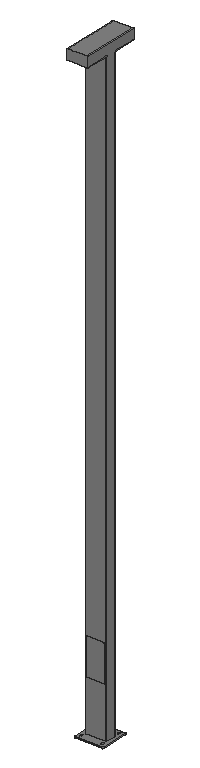
Revit family "Супремус В", category Осветительные приборы, Revit 2019 (continued)
Parameters (values of type "ДТУ121с10 Светодиодный светильник Супремус-B ДТУ-121-AF-ДТУП1212(60Вт)+ДТУП1212(60Вт)-6,0")
    .4 67.2 64.1 60.9 57.8 55.0 52.4 50.0 47.8\r\n 45.8 44.1 42.4 40.8 39.1 37.1 35.2 33.3 31.6 29.8 28.2 26.7 25.3 23.9 22.6 21.4 20.4 19.6 18.9 18.1 17.4 16.8 16.1 15.2 13.9 12.7\r\n 12.0 11.5 11.1 10.6 10.3 9.9 9.5 9.1 8.6 8.3 7.9 7.0 6.3 5.9 5.6 5.4 5.2 5.0 4.9 4.8 4.7 4.6 4.8 4.9 4.7 4.3 4.1 3.7 3.4 3.2 3.0\r\n 2.8 2.7 2.6 2.5 2.3 2.2 2.1 2.0 1.9 1.8 1.6 1.5 1.4 1.3 0.0 0.0 0.0 0.0 0.0 0.0 0.0 0.0 0.0 0.0 0.0 0.0 0.0 0.0 0.0 0.0 0.0 0.0\r\n 0.0 0.0 0.0 0.0 0.0 0.0 0.0 0.0 0.0 0.0 0.0 0.0 0.0 0.0 0.0 0.0 0.0 0.0 0.0 0.0 0.0 0.0 0.0 0.0 0.0 0.0 0.0 0.0 0.0 0.0 0.0 0.0\r\n 0.0 0.0 0.0 0.0 0.0 0.0 0.0 0.0 0.0 0.0 0.0 0.0 0.0 0.0 0.0 0.0 0.0 0.0 0.0 0.0 0.0 0.0 0.0 0.0 0.0 0.0 0.0 0.0 0.0 0.0 0.0 0.0\r\n 0.0 0.0 0.0 0.0 0.0 0.0 0.0 0.0 0.0 0.0 0.0 0.0 0.0 0.0 0.0 0.0 0.0 0.0 0.0 0.0 0.0 0.0 0.0 0.0 0.0 0.0 0.0 0.0 0.0 0.0 0.0 0.0\r\n 0.0 0.0 0.0 0.0 0.0 0.0 0.0 0.0 0.0 0.0 0.0 0.0 0.0 0.0 0.0 0.0 0.0 0.0 0.0 0.0 0.0 0.0 0.0 0.0 0.0 0.0 0.0 0.0 0.0 0.0 0.0 0.0\r\n 0.0 0.0 0.0 0.0 0.0 0.0 0.0 0.0 0.0 0.0 0.0 0.0 0.0 0.0\r\n275.6 278.1 280.8 283.4 286.3 289.3 292.6 296.0 299.5 302.9 305.9 308.9 311.5 314.2 316.6 318.8 321.2 323.4 326.0 328.6 331.0\r\n 333.2 335.2 337.0 338.7 340.4 342.0 343.5 344.8 346.3 347.8 349.1 350.6 352.1 353.3 355.0 356.3 357.8 359.3 360.4 361.4 362.2\r\n 362.8 363.1 363.9 364.3 364.7 364.7 364.5 364.1 363.1 362.5 361.7 361.0 360.6 360.3 359.9 359.5 359.0 358.3 357.3 356.1 354.9\r\n 353.5 351.8 350.0 348.2 346.3 343.7 340.9 337.9 334.7 331.3 327.4 322.9 317.8 313.9 308.9 302.9 296.0 288.4 280.8 272.3 263.8\r\n 254.5 244.2 234.3 225.1 216.9 208.9 200.5 192.3 182.9 173.7 165.6 158.5 151.8 145.5 139.6 133.6 128.2 122.9 117.7 114.3 111.1\r\n 108.2 105.4 102.5 99.5 96.7 94.1 91.6 89.0 86.3 83.8 81.9 80.2 78.2 75.7 73.2 70.3 67.2 64.1 60.7 57.3 54.3 51.7 49.1 46.8 45.0\r\n 43.4 41.9 40.4 38.9 37.0 35.0 33.1 31.4 29.6 28.1 26.7 25.3 23.9 22.7 21.7 20.8 20.0 19.3 18.7 18.0 17.4 16.9 16.2 15.4 14.1 12.7\r\n 11.7 11.2 10.8 10.4 10.1 9.7 9.3 9.0 8.6 8.2 7.8 6.9 6.2 5.8 5.6 5.3 5.1 5.0 4.9 4.8 4.7 4.7 4.9 4.9 4.6 4.3 4.1 3.8 3.4 3.2 3.0\r\n 2.8 2.7 2.6 2.5 2.4 2.4 2.2 2.1 2.0 1.8 1.7 1.5 1.4 1.3 0.0 0.0 0.0 0.0 0.0 0.0 0.0 0.0 0.0 0.0 0.0 0.0 0.0 0.0 0.0 0.0 0.0 0.0\r\n 0.0 0.0 0.0 0.0 0.0 0.0 0.0 0.0 0.0 0.0 0.0 0.0 0.0 0.0 0.0 0.0 0.0 0.0 0.0 0.0 0.0 0.0 0.0 0.0 0.0 0.0 0.0 0.0 0.0 0.0 0.0 0.0\r\n 0.0 0.0 0.0 0.0 0.0 0.0 0.0 0.0 0.0 0.0 0.0 0.0 0.0 0.0 0.0 0.0 0.0 0.0 0.0 0.0 0.0 0.0 0.0 0.0 0.0 0.0 0.0 0.0 0.0 0.0 0.0 0.0\r\n 0.0 0.0 0.0 0.0 0.0 0.0 0.0 0.0 0.0 0.0 0.0 0.0 0.0 0.0 0.0 0.0 0.0 0.0 0.0 0.0 0.0 0.0 0.0 0.0 0.0 0.0 0.0 0.0 0.0 0.0 0.0 0.0\r\n 0.0 0.0 0.0 0.0 0.0 0.0 0.0 0.0 0.0 0.0 0.0 0.0 0.0 0.0 0.0 0.0 0.0 0.0 0.0 0.0 0.0 0.0 0.0 0.0 0.0 0.0 0.0 0.0 0.0 0.0 0.0 0.0\r\n 0.0 0.0 0.0 0.0 0.0 0.0 0.0 0.0 0.0 0.0 0.0 0.0 0.0 0.0\r\n275.6 278.0 280.5 283.4 286.2 289.3 292.9 296.2 299.5 302.8 305.9 308.8 311.4 314.0 316.5 318.8 321.1 323.4 326.0 328.6 330.9\r\n 333.1 335.1 336.6 338.4 340.3 341.8 343.0 344.6 346.0 347.4 349.0 350.4 351.8 353.1 354.7 356.3 357.6 359.0 360.3 361.1 361.9\r\n 362.4 363.0 363.3 363.7 364.3 364.3 363.7 363.0 362.2 361.5 360.6 360.0 359.6 359.3 359.0 358.7 358.1 357.3 356.1 355.1 353.9\r\n 352.4 350.4 348.6 347.1 345.2 342.6 339.9 336.4 333.2 330.0 326.0 320.9 316.0 311.5 306.2 299.9 292.8 284.9 276.9 268.1 259.4\r\n 249.1 238.2 228.2 219.7 211.9 203.4 194.8 185.9 176.5 167.9 160.0 153.1 146.7 140.6 135.0 129.3 123.8 118.8 114.9 111.7 108.7\r\n 106.0 103.1 100.1 96.8 94.1 91.5 88.9 86.0 83.2 81.1 79.6 78.0 75.8 73.4 70.7 67.7 64.7 61.7 58.3 55.1 52.1 49.5 47.1 45.1 43.5\r\n 42.2 40.9 39.5 37.8 36.0 34.0 32.1 30.2 28.7 27.3 25.9 24.5 23.3 22.2 21.2 20.4 19.6 19.0 18.3 17.7 17.0 16.4 15.8 15.0 13.6 12.3\r\n 11.4 10.9 10.5 10.1 9.7 9.3 9.0 8.6 8.3 8.1 7.6 6.7 6.1 5.8 5.5 5.3 5.1 4.9 4.9 4.8 4.6 4.8 4.9 4.9 4.7 4.3 4.1 3.7 3.4 3.2 3.0\r\n 2.8 2.7 2.6 2.5 2.5 2.5 2.4 2.2 2.0 1.9 1.7 1.6 1.5 1.3 0.0 0.0 0.0 0.0 0.0 0.0 0.0 0.0 0.0 0.0 0.0 0.0 0.0 0.0 0.0 0.0 0.0 0.0\r\n 0.0 0.0 0.0 0.0 0.0 0.0 0.0 0.0 0.0 0.0 0.0 0.0 0.0 0.0 0.0 0.0 0.0 0.0 0.0 0.0 0.0 0.0 0.0 0.0 0.0 0.0 0.0 0.0 0.0 0.0 0.0 0.0\r\n 0.0 0.0 0.0 0.0 0.0 0.0 0.0 0.0 0.0 0.0 0.0 0.0 0.0 0.0 0.0 0.0 0.0 0.0 0.0 0.0 0.0 0.0 0.0 0.0 0.0 0.0 0.0 0.0 0.0 0.0 0.0 0.0\r\n 0.0 0.0 0.0 0.0 0.0 0.0 0.0 0.0 0.0 0.0 0.0 0.0 0.0 0.0 0.0 0.0 0.0 0.0 0.0 0.0 0.0 0.0 0.0 0.0 0.0 0.0 0.0 0.0 0.0 0.0 0.0 0.0\r\n 0.0 0.0 0.0 0.0 0.0 0.0 0.0 0.0 0.0 0.0 0.0 0.0 0.0 0.0 0.0 0.0 0.0 0.0 0.0 0.0 0.0 0.0 0.0 0.0 0.0 0.0 0.0 0.0 0.0 0.0 0.0 0.0\r\n 0.0 0.0 0.0 0.0 0.0 0.0 0.0 0.0 0.0 0.0 0.0 0.0 0.0 0.0\r\n275.6 278.0 280.5 283.3 286.2 289.2 292.8 296.0 299.3 302.6 305.8 308.6 311.2 313.8 316.2 318.7 321.0 323.2 325.6 328.1 330.6\r\n 332.8 334.9 336.5 338.1 339.8 341.5 342.8 344.4 345.7 346.9 348.6 350.0 351.2 352.7 354.1 355.8 357.3 358.7 360.0 360.8 361.5\r\n 362.3 362.7 363.1 363.5 364.1 364.2 363.7 363.1 362.3 361.5 360.7 360.1 359.7 359.4 359.0 359.0 358.4 357.6 356.8 355.4 354.5\r\n 353.0 351.2 349.4 347.7 345.9 343.4 340.9 338.1 335.1 331.8 327.9 323.0 318.0 312.8 307.7 301.8 295.0 287.7 279.8 271.2 262.6\r\n 253.0 242.1 232.5 223.9 216.0 207.7 198.8 190.1 180.3 171.0 162.7 155.4 148.8 142.4 136.8 131.5 126.3 120.9 115.7 112.3 109.3\r\n 106.4 103.5 100.5 97.3 94.3 91.5 88.8 85.9 83.1 80.8 79.1 77.6 75.7 73.5 70.9 68.1 65.5 62.7 59.4 56.1 53.2 50.6 48.1 45.9 44.0\r\n 42.5 41.1 39.7 38.1 36.4 34.5 32.7 30.8 29.0 27.6 26.3 24.8 23.5 22.4 21.4 20.6 19.9 19.1 18.5 17.7 17.1 16.4 15.8 15.0 13.8 12.5\r\n 11.5 11.0 10.6 10.2 9.8 9.4 9.1 8.7 8.4 8.1 7.7 6.8 6.0 5.7 5.4 5.2 5.1 4.9 4.8 4.7 4.5 4.6 4.8 4.7 4.8 4.4 4.1 3.8 3.4 3.2 3.0\r\n 2.8 2.6 2.5 2.5 2.4 2.4 2.2 2.1 1.9 1.8 1.7 1.5 1.4 1.3 0.0 0.0 0.0 0.0 0.0 0.0 0.0 0.0 0.0 0.0 0.0 0.0 0.0 0.0 0.0 0.0 0.0 0.0\r\n 0.0 0.0 0.0 0.0 0.0 0.0 0.0 0.0 0.0 0.0 0.0 0.0 0.0 0.0 0.0 0.0 0.0 0.0 0.0 0.0 0.0 0.0 0.0 0.0 0.0 0.0 0.0 0.0 0.0 0.0 0.0 0.0\r\n 0.0 0.0 0.0 0.0 0.0 0.0 0.0 0.0 0.0 0.0 0.0 0.0 0.0 0.0 0.0 0.0 0.0 0.0 0.0 0.0 0.0 0.0 0.0 0.0 0.0 0.0 0.0 0.0 0.0 0.0 0.0 0.0\r\n 0.0 0.0 0.0 0.0 0.0 0.0 0.0 0.0 0.0 0.0 0.0 0.0 0.0 0.0 0.0 0.0 0.0 0.0 0.0 0.0 0.0 0.0 0.0 0.0 0.0 0.0 0.0 0.0 0.0 0.0 0.0 0.0\r\n 0.0 0.0 0.0 0.0 0.0 0.0 0.0 0.0 0.0 0.0 0.0 0.0 0.0 0.0 0.0 0.0 0.0 0.0 0.0 0.0 0.0 0.0 0.0 0.0 0.0 0.0 0.0 0.0 0.0 0.0 0.0 0.0\r\n 0.0 0.0 0.0 0.0 0.0 0.0 0.0 0.0 0.0 0.0 0.0 0.0 0.0 0.0\r\n275.6 278.0 280.6 283.2 286.0 289.1 292.4 296.0 299.3 302.3 305.4 308.2 310.8 313.4 315.7 318.1 320.2 322.5 325.0 327.5 329.8\r\n 331.8 333.8 335.4 337.0 338.7 340.3 341.6 343.0 344.4 345.6 347.1 348.4 349.7 351.1 352.7 354.1 355.6 357.1 358.3 359.4 360.1\r\n 360.6 361.0 361.5 362.1 362.6 362.7 362.6 361.9 361.2 360.6 359.9 359.0 358.7 358.3 358.0 357.7 357.4 356.6 355.8 354.9 353.7\r\n 352.4 350.7 349.0 347.3 345.7 343.6 341.5 339.0 336.6 333.5 329.8 325.1 320.0 314.9 310.0 304.4 298.0 291.5 284.4 276.1 267.8\r\n 258.7 248.6 239.1 230.3 222.3 213.7 205.0 196.4 187.1 177.4 168.7 161.2 154.1 147.2 140.5 134.4 128.4 122.9 118.4 114.7 111.3\r\n 108.3 105.2 102.2 99.1 96.1 93.2 90.4 87.7 85.0 82.3 80.3 78.7 76.8 74.6 72.3 69.6 66.9 64.2 61.5 58.3 55.4 52.8 50.1 47.7 45.6\r\n 43.8 42.2 40.7 39.1 37.5 35.8 34.0 32.2 30.2 28.3 26.8 25.3 23.9 22.5 21.4 20.4 19.5 18.8 18.1 17.4 16.8 16.2 15.5 14.7 13.5 12.4\r\n 11.8 11.3 10.9 10.4 10.1 9.7 9.3 8.9 8.5 8.2 7.8 6.9 6.2 5.8 5.6 5.3 5.1 4.9 4.8 4.8 4.7 4.8 4.9 4.6 4.7 4.5 4.1 3.9 3.5 3.2 3.0\r\n 2.8 2.7 2.5 2.4 2.3 2.2 2.0 1.9 1.8 1.7 1.6 1.5 1.4 1.3 0.0 0.0 0.0 0.0 0.0 0.0 0.0 0.0 0.0 0.0 0.0 0.0 0.0 0.0 0.0 0.0 0.0 0.0\r\n 0.0 0.0 0.0 0.0 0.0 0.0 0.0 0.0 0.0 0.0 0.0 0.0 0.0 0.0 0.0 0.0 0.0 0.0 0.0 0.0 0.0 0.0 0.0 0.0 0.0 0.0 0.0 0.0 0.0 0.0 0.0 0.0\r\n 0.0 0.0 0.0 0.0 0.0 0.0 0.0 0.0 0.0 0.0 0.0 0.0 0.0 0.0 0.0 0.0 0.0 0.0 0.0 0.0 0.0 0.0 0.0 0.0 0.0 0.0 0.0 0.0 0.0 0.0 0.0 0.0\r\n 0.0 0.0 0.0 0.0 0.0 0.0 0.0 0.0 0.0 0.0 0.0 0.0 0.0 0.0 0.0 0.0 0.0 0.0 0.0 0.0 0.0 0.0 0.0 0.0 0.0 0.0 0.0 0.0 0.0 0.0 0.0 0.0\r\n 0.0 0.0 0.0 0.0 0.0 0.0 0.0 0.0 0.0 0.0 0.0 0.0 0.0 0.0 0.0 0.0 0.0 0.0 0.0 0.0 0.0 0.0 0.0 0.0 0.0 0.0 0.0 0.0 0.0 0.0 0.0 0.0\r\n 0.0 0.0 0.0 0.0 0.0 0.0 0.0 0.0 0.0 0.0 0.0 0.0 0.0 0.0\r\n275.6 277.9 280.5 283.0 285.7 288.8 291.9 295.1 298.6 301.8 304.7 307.5 310.0 312.7 314.9 317.1 319.3 321.3 323.8 326.2 328.6\r\n 330.6 332.5 334.2 335.8 337.2 338.8 340.3 341.5 342.8 344.1 345.3 346.5 347.8 348.9 350.4 351.8 353.1 354.7 355.9 357.0 357.9\r\n 358.6 359.0 359.7 360.0 360.6 360.9 361.2 361.1 360.5 359.9 359.4 358.7 358.1 357.7 357.4 357.0 356.8 356.2 355.6 354.8 353.6\r\n 352.7 351.5 350.1 348.5 346.9 345.3 343.9 342.3 340.2 337.9 334.7 330.4 325.3 320.9 316.7 311.2 304.9 298.8 292.8 285.3 277.7\r\n 269.5 260.7 251.8 242.7 234.2 225.7 216.9 208.2 199.5 191.0 182.8 174.6 166.8 159.5 152.7 145.6 139.0 132.8 127.8 122.8 117.9\r\n 114.3 111.0 107.9 104.7 101.5 98.3 95.4 92.7 90.1 87.5 85.0 82.7 80.7 78.6 76.4 73.8 71.0 68.2 65.6 62.8 59.5 56.5 53.7 51.1 48.5\r\n 46.4 44.4 42.7 41.2 39.7 38.3 36.7 34.9 33.1 31.3 29.5 27.5 25.8 24.4 22.9 21.5 20.3 19.4 18.5 17.7 17.0 16.2 15.5 14.6 13.5 12.7\r\n 12.2 11.9 11.4 11.0 10.6 10.3 9.9 9.5 9.0 8.6 8.3 7.7 6.9 6.3 6.0 5.7 5.5 5.3 5.2 5.0 4.8 4.6 4.7 4.7 4.6 4.5 4.2 3.9 3.6 3.3 3.1\r\n 2.9 2.7 2.5 2.3 2.2 2.1 1.9 1.9 1.8 1.7 1.6 1.5 1.4 1.3 0.0 0.0 0.0 0.0 0.0 0.0 0.0 0.0 0.0 0.0 0.0 0.0 0.0 0.0 0.0 0.0 0.0 0.0\r\n 0.0 0.0 0.0 0.0 0.0 0.0 0.0 0.0 0.0 0.0 0.0 0.0 0.0 0.0 0.0 0.0 0.0 0.0 0.0 0.0 0.0 0.0 0.0 0.0 0.0 0.0 0.0 0.0 0.0 0.0 0.0 0.0\r\n 0.0 0.0 0.0 0.0 0.0 0.0 0.0 0.0 0.0 0.0 0.0 0.0 0.0 0.0 0.0 0.0 0.0 0.0 0.0 0.0 0.0 0.0 0.0 0.0 0.0 0.0 0.0 0.0 0.0 0.0 0.0 0.0\r\n 0.0 0.0 0.0 0.0 0.0 0.0 0.0 0.0 0.0 0.0 0.0 0.0 0.0 0.0 0.0 0.0 0.0 0.0 0.0 0.0 0.0 0.0 0.0 0.0 0.0 0.0 0.0 0.0 0.0 0.0 0.0 0.0\r\n 0.0 0.0 0.0 0.0 0.0 0.0 0.0 0.0 0.0 0.0 0.0 0.0 0.0 0.0 0.0 0.0 0.0 0.0 0.0 0.0 0.0 0.0 0.0 0.0 0.0 0.0 0.0 0.0 0.0 0.0 0.0 0.0\r\n 0.0 0.0 0.0 0.0 0.0 0.0 0.0 0.0 0.0 0.0 0.0 0.0 0.0 0.0\r\n275.6 277.9 280.2 282.8 285.5 288.3 291.4 294.6 297.9 300.9 303.8 306.5 308.9 311.5 313.7 315.9 318.0 319.9 322.1 324.4 326.7\r\n 328.7 330.6 332.3 333.7 335.0 336.3 337.6 339.0 340.3 341.4 342.6 343.8 344.9 345.9 347.2 348.3 349.8 351.0 352.3 353.5 354.7\r\n 355.4 356.0 356.6 357.1 357.5 358.0 358.6 358.8 358.7 358.4 357.9 357.6 357.2 356.6 356.3 356.2 355.9 355.5 355.2 354.7 353.9\r\n 353.1 352.1 351.0 349.9 348.4 346.9 346.0 345.2 343.6 342.2 339.6 335.8 330.6 326.0 322.7 318.0 311.6 305.1 299.7 293.4 286.7\r\n 279.6 271.7 264.0 256.0 248.5 241.1 233.2 225.1 216.8 208.7 200.6 193.0 185.6 178.3 171.0 163.4 156.1 149.0 142.5 136.7 131.3\r\n 126.5 122.2 118.3 114.7 111.0 107.6 104.2 100.7 97.7 94.8 92.1 89.3 87.0 84.7 82.7 80.5 78.0 75.2 72.1 69.2 66.4 63.5 60.7 57.6\r\n 54.4 51.5 48.9 46.6 44.6 42.9 41.3 39.8 38.3 36.8 35.2 33.4 31.7 30.0 28.1 26.3 24.6 23.1 21.8 20.6 19.5 18.6 17.9 17.1 16.4 15.6\r\n 14.8 14.0 13.5 13.0 12.6 12.1 11.7 11.2 10.8 10.3 9.8 9.4 8.9 8.2 7.7 7.3 7.1 6.8 6.5 6.3 6.1 5.8 5.5 5.3 5.3 5.2 4.9 4.6 4.2 3.9\r\n 3.6 3.3 3.0 2.8 2.6 2.4 2.2 2.0 1.9 1.8 1.7 1.6 1.5 1.4 1.3 1.2 0.0 0.0 0.0 0.0 0.0 0.0 0.0 0.0 0.0 0.0 0.0 0.0 0.0 0.0 0.0 0.0\r\n 0.0 0.0 0.0 0.0 0.0 0.0 0.0 0.0 0.0 0.0 0.0 0.0 0.0 0.0 0.0 0.0 0.0 0.0 0.0 0.0 0.0 0.0 0.0 0.0 0.0 0.0 0.0 0.0 0.0 0.0 0.0 0.0\r\n 0.0 0.0 0.0 0.0 0.0 0.0 0.0 0.0 0.0 0.0 0.0 0.0 0.0 0.0 0.0 0.0 0.0 0.0 0.0 0.0 0.0 0.0 0.0 0.0 0.0 0.0 0.0 0.0 0.0 0.0 0.0 0.0\r\n 0.0 0.0 0.0 0.0 0.0 0.0 0.0 0.0 0.0 0.0 0.0 0.0 0.0 0.0 0.0 0.0 0.0 0.0 0.0 0.0 0.0 0.0 0.0 0.0 0.0 0.0 0.0 0.0 0.0 0.0 0.0 0.0\r\n 0.0 0.0 0.0 0.0 0.0 0.0 0.0 0.0 0.0 0.0 0.0 0.0 0.0 0.0 0.0 0.0 0.0 0.0 0.0 0.0 0.0 0.0 0.0 0.0 0.0 0.0 0.0 0.0 0.0 0.0 0.0 0.0\r\n 0.0 0.0 0.0 0.0 0.0 0.0 0.0 0.0 0.0 0.0 0.0 0.0 0.0 0.0 0.0 0.0\r\n275.6 277.9 280.1 282.6 285.0 287.7 290.6 293.5 296.7 299.7 302.5 305.4 307.9 310.2 312.5 314.4 316.5 318.4 320.2 322.4 324.4\r\n 326.4 328.4 330.1 331.4 332.9 334.0 335.5 336.7 338.0 339.4 340.3 341.3 342.2 343.1 344.1 345.0 346.1 347.4 348.5 349.8 351.0\r\n 352.2 353.1 353.7 354.3 355.0 355.2 356.0 356.6 357.1 357.4 357.5 357.2 357.1 357.0 356.8 356.5 356.5 356.5 356.3 355.8 355.5\r\n 355.1 354.5 353.7 352.9 352.0 350.7 349.7 349.3 348.7 347.8 346.5 344.1 340.5 336.0 332.7 329.1 324.0 318.2 312.9 307.9 302.1\r\n 296.1 290.1 283.9 277.7 271.3 264.8 258.5 251.4 244.4 237.5 230.5 223.4 216.1 208.7 201.5 194.2 187.2 180.1 173.2 166.4 159.7\r\n 153.5 147.5 141.9 137.0 132.4 127.7 123.1 118.4 114.1 109.7 105.7 102.1 98.4 94.7 91.3 88.5 86.1 83.9 81.4 78.7 75.6 72.3 69.1\r\n 66.1 63.0 59.8 56.4 53.0 49.9 47.1 44.7 42.7 40.9 39.3 37.8 36.5 35.1 33.8 32.4 30.9 29.3 27.8 26.3 24.7 23.3 22.3 21.5 20.8 20.0\r\n 19.2 18.5 17.9 17.4 16.7 16.1 15.4 14.9 14.4 13.9 13.3 12.7 12.1 11.7 11.1 10.4 9.9 9.5 9.1 8.8 8.4 8.1 7.7 7.2 6.8 6.6 6.4 6.1\r\n 5.6 5.1 4.6 4.1 3.7 3.4 3.1 2.8 2.6 2.4 2.2 2.0 1.9 1.7 1.7 1.5 1.4 1.3 1.1 0.0 0.0 0.0 0.0 0.0 0.0 0.0 0.0 0.0 0.0 0.0 0.0 0.0\r\n 0.0 0.0 0.0 0.0 0.0 0.0 0.0 0.0 0.0 0.0 0.0 0.0 0.0 0.0 0.0 0.0 0.0 0.0 0.0 0.0 0.0 0.0 0.0 0.0 0.0 0.0 0.0 0.0 0.0 0.0 0.0 0.0\r\n 0.0 0.0 0.0 0.0 0.0 0.0 0.0 0.0 0.0 0.0 0.0 0.0 0.0 0.0 0.0 0.0 0.0 0.0 0.0 0.0 0.0 0.0 0.0 0.0 0.0 0.0 0.0 0.0 0.0 0.0 0.0 0.0\r\n 0.0 0.0 0.0 0.0 0.0 0.0 0.0 0.0 0.0 0.0 0.0 0.0 0.0 0.0 0.0 0.0 0.0 0.0 0.0 0.0 0.0 0.0 0.0 0.0 0.0 0.0 0.0 0.0 0.0 0.0 0.0 0.0\r\n 0.0 0.0 0.0 0.0 0.0 0.0 0.0 0.0 0.0 0.0 0.0 0.0 0.0 0.0 0.0 0.0 0.0 0.0 0.0 0.0 0.0 0.0 0.0 0.0 0.0 0.0 0.0 0.0 0.0 0.0 0.0 0.0\r\n 0.0 0.0 0.0 0.0 0.0 0.0 0.0 0.0 0.0 0.0 0.0 0.0 0.0 0.0 0.0 0.0 0.0 0.0 0.0\r\n275.6 277.7 280.0 282.2 284.4 286.9 289.7 292.4 295.3 298.3 301.0 303.6 306.0 308.2 310.4 312.2 314.1 316.0 317.8 319.2 321.5\r\n 323.3 325.2 326.8 328.3 329.6 331.0 332.3 333.4 334.7 335.9 336.9 337.7 338.6 339.5 340.2 340.9 341.8 342.9 343.9 345.0 346.1\r\n 347.3 348.2 349.4 350.2 351.0 351.5 352.3 352.9 353.5 354.3 354.9 355.5 355.8 356.1 356.2 356.2 356.5 356.6 356.6 356.8 356.6\r\n 356.5 356.2 356.1 355.9 355.7 355.0 354.1 353.8 353.5 353.3 353.1 352.0 349.7 346.8 344.5 342.0 338.2 333.6 329.4 325.5 321.5\r\n 316.6 311.5 306.5 301.3 296.1 290.7 285.5 280.2 274.8 269.2 263.2 257.5 251.5 245.7 239.7 233.4 226.6 219.1 211.5 204.1 197.0\r\n 190.4 183.8 176.9 170.1 163.8 157.8 152.2 146.8 141.3 135.8 130.7 125.8 121.1 116.6 112.3 107.9 103.3 99.3 95.9 93.1 90.6 87.8\r\n 84.7 81.3 77.6 74.0 70.7 67.5 64.1 60.7 57.4 54.2 51.0 48.0 45.7 43.7 41.9 40.3 38.9 37.5 36.3 35.0 33.8 32.5 31.3 30.1 29.0 27.7\r\n 26.5 25.5 24.5 23.7 22.9 22.0 21.1 20.2 19.4 18.6 17.8 17.1 16.4 15.7 15.0 14.2 13.2 12.3 11.5 10.9 10.2 9.6 9.0 8.3 7.6 7.1 6.6\r\n 6.2 5.9 5.4 5.0 4.4 4.0 3.6 3.3 3.0 2.8 2.5 2.3 2.1 2.0 1.9 1.8 1.6 1.5 1.3 1.2 1.0 0.0 0.0 0.0 0.0 0.0 0.0 0.0 0.0 0.0 0.0 0.0\r\n 0.0 0.0 0.0 0.0 0.0 0.0 0.0 0.0 0.0 0.0 0.0 0.0 0.0 0.0 0.0 0.0 0.0 0.0 0.0 0.0 0.0 0.0 0.0 0.0 0.0 0.0 0.0 0.0 0.0 0.0 0.0 0.0\r\n 0.0 0.0 0.0 0.0 0.0 0.0 0.0 0.0 0.0 0.0 0.0 0.0 0.0 0.0 0.0 0.0 0.0 0.0 0.0 0.0 0.0 0.0 0.0 0.0 0.0 0.0 0.0 0.0 0.0 0.0 0.0 0.0\r\n 0.0 0.0 0.0 0.0 0.0 0.0 0.0 0.0 0.0 0.0 0.0 0.0 0.0 0.0 0.0 0.0 0.0 0.0 0.0 0.0 0.0 0.0 0.0 0.0 0.0 0.0 0.0 0.0 0.0 0.0 0.0 0.0\r\n 0.0 0.0 0.0 0.0 0.0 0.0 0.0 0.0 0.0 0.0 0.0 0.0 0.0 0.0 0.0 0.0 0.0 0.0 0.0 0.0 0.0 0.0 0.0 0.0 0.0 0.0 0.0 0.0 0.0 0.0 0.0 0.0\r\n 0.0 0.0 0.0 0.0 0.0 0.0 0.0 0.0 0.0 0.0 0.0 0.0 0.0 0.0 0.0 0.0 0.0 0.0 0.0 0.0 0.0\r\n275.6 277.6 279.6 281.8 283.9 286.2 288.6 291.3 293.7 296.5 299.1 301.6 303.9 306.0 308.0 310.0 311.6 313.5 315.1 316.6 318.2\r\n 319.9 321.6 323.3 324.9 326.2 327.7 328.9 330.2 331.3 332.1 333.1 334.2 335.4 336.0 336.9 337.5 338.3 339.0 339.8 340.5 341.4\r\n 342.2 343.2 344.3 345.2 346.3 347.5 348.6 349.6 350.4 351.2 352.2 353.0 353.9 354.8 355.5 356.3 356.9 357.5 358.0 358.5 359.0\r\n 359.7 360.0 360.4 360.8 361.1 361.4 361.4 361.4 361.5 361.8 362.2 362.7 361.8 360.2 358.7 357.5 355.2 352.1 348.8 345.8 343.1\r\n 340.3 337.2 333.8 330.8 327.4 324.2 320.5 316.9 312.9 308.8 304.4 299.8 295.3 291.1 286.9 282.7 278.4 274.0 269.3 264.3 258.8\r\n 252.6 246.1 239.6 232.8 225.8 218.8 211.7 205.0 198.8 193.2 187.8 182.6 177.2 171.2 165.0 159.0 152.7 147.0 141.3 135.5 130.8\r\n 126.3 121.6 117.0 113.6 110.0 106.0 101.4 96.8 92.0 86.9 81.8 77.0 72.2 67.6 63.3 59.3 55.5 51.9 48.6 45.5 43.0 41.0 39.3 37.7\r\n 36.2 34.8 33.4 32.1 30.8 29.5 28.3 27.2 26.1 24.9 23.6 22.5 21.3 20.1 19.0 18.0 16.9 15.9 15.0 14.0 12.8 11.7 10.
